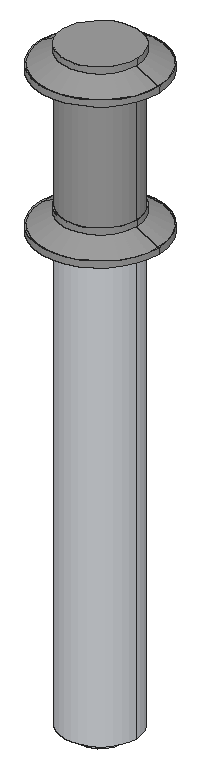
Revit family
Parameters (values of type "FF Roof Cowl")
  Roof Cowl Height = 290 mm
  Pipe Placement = 1500 mm
  Pipe Length = 1200 mm
  Assembly Code = ""
Reference planes
  plane 1 "Center (Front/Back)": y = 0
  plane 2: z = 0
  plane 3 "Center (Left/Right)": x = 0
  plane 4: x = -62.5
  plane 5: x = 62.5
  plane 6: z = 2700
  plane 7: z = 1500
  plane 8: z = 2990
  plane 9: z = 1935
  plane 10: z = 1920
Forms (mm)
  Extrusion 1, solid, material "Default"
    sketch origin (0, 0, 0) x (1, 0, 0) y (0, 1, 0)
      loop
        circle (0, 0) r 62.5
      loop
        circle (0, 0) r 57.5
    from 2700 to 2990
  Extrusion 2, solid, material "Default"
    sketch origin (0, 0, 0) x (1, 0, 0) y (0, 1, 0)
      loop
        circle (0, 0) r 62.5
      loop
        circle (0, 0) r 64.5
    from 2730 to 2740
  Revolve 3, solid, material "Default"
    sketch origin (0, 0, 0) x (1, 0, 0) y (0, 0, 1)
      loop
        line (-62.416, 2700) -> (-62.416, 2730) -> (-100.5, 2710) -> (-102.5, 2710) -> (-102.5, 2700) -> (-62.416, 2700)
      axis (0, 2700) -> (0, 2730)
    angle from 0 to 360
  Extrusion 4, solid, material "Default"
    sketch origin (0, 0, 0) x (1, 0, 0) y (0, 1, 0)
      loop
        circle (0, 0) r 64.5
    from 2979.838 to 2990
  Revolve 5, solid, material "Default"
    sketch origin (0, 0, 249.838) x (1, 0, 0) y (0, 0, 1)
      loop
        line (-62.416, 2700) -> (-62.416, 2730) -> (-100.5, 2710) -> (-102.5, 2710) -> (-102.5, 2700) -> (-62.416, 2700)
      axis (0, 2700) -> (0, 2730)
    angle from 0 to 360
  Extrusion 6, void
    sketch origin (0, 0, 0) x (1, 0, 0) y (0, 1, 0)
      loop
        arc (-62.222, 7.558) -> (-62.406, 4.8) -> (-62.467, 2.036) r 62.48
        line (-62.467, 2.036) -> (-57.464, 2.036)
        arc (-57.464, 2.036) -> (-57.409, 4.538) -> (-57.246, 7.036) r 57.483
        line (-57.246, 7.036) -> (-62.222, 7.558)
      loop
        arc (-3.009, 57.421) -> (0, 57.5) -> (3.009, 57.421) r 57.5
        line (3.009, 57.421) -> (3.271, 62.414)
        arc (3.271, 62.414) -> (0, 62.5) -> (-3.271, 62.414) r 62.5
        line (-3.271, 62.414) -> (-3.009, 57.421)
      loop
        line (-11.955, 56.243) -> (-12.994, 61.134)
        arc (-12.994, 61.134) -> (-16.702, 60.227) -> (-20.348, 59.095) r 62.5
        line (-20.348, 59.095) -> (-18.72, 54.367)
        arc (-18.72, 54.367) -> (-15.366, 55.409) -> (-11.955, 56.243) r 57.5
      loop
        line (-26.995, 50.769) -> (-29.342, 55.184)
        arc (-29.342, 55.184) -> (-32.656, 53.29) -> (-35.849, 51.197) r 62.5
        line (-35.849, 51.197) -> (-32.981, 47.101)
        arc (-32.981, 47.101) -> (-30.044, 49.027) -> (-26.995, 50.769) r 57.5
      loop
        line (-38.475, 42.731) -> (-41.821, 46.447)
        arc (-41.821, 46.447) -> (-44.194, 44.194) -> (-46.447, 41.821) r 62.5
        line (-46.447, 41.821) -> (-42.731, 38.475)
        arc (-42.731, 38.475) -> (-40.659, 40.659) -> (-38.475, 42.731) r 57.5
      loop
        arc (-55.541, 14.882) -> (-54.686, 17.768) -> (-53.681, 20.606) r 57.5
        line (-53.681, 20.606) -> (-58.349, 22.398)
        arc (-58.349, 22.398) -> (-59.441, 19.314) -> (-60.37, 16.176) r 62.5
        line (-60.37, 16.176) -> (-55.541, 14.882)
      loop
        arc (-49.796, 28.75) -> (-48.224, 31.317) -> (-46.518, 33.798) r 57.5
        line (-46.518, 33.798) -> (-50.564, 36.737)
        arc (-50.564, 36.737) -> (-52.417, 34.04) -> (-54.127, 31.25) r 62.5
        line (-54.127, 31.25) -> (-49.796, 28.75)
      loop
        line (-62.222, -7.558) -> (-57.246, -7.036)
        arc (-57.246, -7.036) -> (-57.409, -4.538) -> (-57.464, -2.036) r 57.483
        line (-57.464, -2.036) -> (-62.467, -2.036)
        arc (-62.467, -2.036) -> (-62.406, -4.8) -> (-62.222, -7.558) r 62.48
      loop
        line (-3.009, -57.421) -> (-3.271, -62.414)
        arc (-3.271, -62.414) -> (0, -62.5) -> (3.271, -62.414) r 62.5
        line (3.271, -62.414) -> (3.009, -57.421)
        arc (3.009, -57.421) -> (0, -57.5) -> (-3.009, -57.421) r 57.5
      loop
        arc (-11.955, -56.243) -> (-15.366, -55.409) -> (-18.72, -54.367) r 57.5
        line (-18.72, -54.367) -> (-20.348, -59.095)
        arc (-20.348, -59.095) -> (-16.702, -60.227) -> (-12.994, -61.134) r 62.5
        line (-12.994, -61.134) -> (-11.955, -56.243)
      loop
        arc (-26.995, -50.769) -> (-30.044, -49.027) -> (-32.981, -47.101) r 57.5
        line (-32.981, -47.101) -> (-35.849, -51.197)
        arc (-35.849, -51.197) -> (-32.656, -53.29) -> (-29.342, -55.184) r 62.5
        line (-29.342, -55.184) -> (-26.995, -50.769)
      loop
        arc (-38.475, -42.731) -> (-40.659, -40.659) -> (-42.731, -38.475) r 57.5
        line (-42.731, -38.475) -> (-46.447, -41.821)
        arc (-46.447, -41.821) -> (-44.194, -44.194) -> (-41.821, -46.447) r 62.5
        line (-41.821, -46.447) -> (-38.475, -42.731)
      loop
        line (-55.541, -14.882) -> (-60.37, -16.176)
        arc (-60.37, -16.176) -> (-59.441, -19.314) -> (-58.349, -22.398) r 62.5
        line (-58.349, -22.398) -> (-53.681, -20.606)
        arc (-53.681, -20.606) -> (-54.686, -17.768) -> (-55.541, -14.882) r 57.5
      loop
        line (-49.796, -28.75) -> (-54.127, -31.25)
        arc (-54.127, -31.25) -> (-52.417, -34.04) -> (-50.564, -36.737) r 62.5
        line (-50.564, -36.737) -> (-46.518, -33.798)
        arc (-46.518, -33.798) -> (-48.224, -31.317) -> (-49.796, -28.75) r 57.5
      loop
        line (62.222, 7.558) -> (57.246, 7.036)
        arc (57.246, 7.036) -> (57.409, 4.538) -> (57.464, 2.036) r 57.483
        line (57.464, 2.036) -> (62.467, 2.036)
        arc (62.467, 2.036) -> (62.406, 4.8) -> (62.222, 7.558) r 62.48
      loop
        arc (11.955, 56.243) -> (15.366, 55.409) -> (18.72, 54.367) r 57.5
        line (18.72, 54.367) -> (20.348, 59.095)
        arc (20.348, 59.095) -> (16.702, 60.227) -> (12.994, 61.134) r 62.5
        line (12.994, 61.134) -> (11.955, 56.243)
      loop
        arc (26.995, 50.769) -> (30.044, 49.027) -> (32.981, 47.101) r 57.5
        line (32.981, 47.101) -> (35.849, 51.197)
        arc (35.849, 51.197) -> (32.656, 53.29) -> (29.342, 55.184) r 62.5
        line (29.342, 55.184) -> (26.995, 50.769)
      loop
        arc (38.475, 42.731) -> (40.659, 40.659) -> (42.731, 38.475) r 57.5
        line (42.731, 38.475) -> (46.447, 41.821)
        arc (46.447, 41.821) -> (44.194, 44.194) -> (41.821, 46.447) r 62.5
        line (41.821, 46.447) -> (38.475, 42.731)
      loop
        line (55.541, 14.882) -> (60.37, 16.176)
        arc (60.37, 16.176) -> (59.441, 19.314) -> (58.349, 22.398) r 62.5
        line (58.349, 22.398) -> (53.681, 20.606)
        arc (53.681, 20.606) -> (54.686, 17.768) -> (55.541, 14.882) r 57.5
      loop
        line (49.796, 28.75) -> (54.127, 31.25)
        arc (54.127, 31.25) -> (52.417, 34.04) -> (50.564, 36.737) r 62.5
        line (50.564, 36.737) -> (46.518, 33.798)
        arc (46.518, 33.798) -> (48.224, 31.317) -> (49.796, 28.75) r 57.5
      loop
        arc (62.222, -7.558) -> (62.406, -4.8) -> (62.467, -2.036) r 62.48
        line (62.467, -2.036) -> (57.464, -2.036)
        arc (57.464, -2.036) -> (57.409, -4.538) -> (57.246, -7.036) r 57.483
        line (57.246, -7.036) -> (62.222, -7.558)
      loop
        line (11.955, -56.243) -> (12.994, -61.134)
        arc (12.994, -61.134) -> (16.702, -60.227) -> (20.348, -59.095) r 62.5
        line (20.348, -59.095) -> (18.72, -54.367)
        arc (18.72, -54.367) -> (15.366, -55.409) -> (11.955, -56.243) r 57.5
      loop
        line (26.995, -50.769) -> (29.342, -55.184)
        arc (29.342, -55.184) -> (32.656, -53.29) -> (35.849, -51.197) r 62.5
        line (35.849, -51.197) -> (32.981, -47.101)
        arc (32.981, -47.101) -> (30.044, -49.027) -> (26.995, -50.769) r 57.5
      loop
        line (38.475, -42.731) -> (41.821, -46.447)
        arc (41.821, -46.447) -> (44.194, -44.194) -> (46.447, -41.821) r 62.5
        line (46.447, -41.821) -> (42.731, -38.475)
        arc (42.731, -38.475) -> (40.659, -40.659) -> (38.475, -42.731) r 57.5
      loop
        arc (55.541, -14.882) -> (54.686, -17.768) -> (53.681, -20.606) r 57.5
        line (53.681, -20.606) -> (58.349, -22.398)
        arc (58.349, -22.398) -> (59.441, -19.314) -> (60.37, -16.176) r 62.5
        line (60.37, -16.176) -> (55.541, -14.882)
      loop
        arc (49.796, -28.75) -> (48.224, -31.317) -> (46.518, -33.798) r 57.5
        line (46.518, -33.798) -> (50.564, -36.737)
        arc (50.564, -36.737) -> (52.417, -34.04) -> (54.127, -31.25) r 62.5
        line (54.127, -31.25) -> (49.796, -28.75)
    from 2928.087 to 2972.294
  Extrusion 7, solid
    sketch origin (0, 0, 0) x (1, 0, 0) y (0, 1, 0)
      loop
        circle (0, 0) r 62.5
    from 1935 to 2700
  Extrusion 8, solid
    sketch origin (0, 0, 0) x (1, 0, 0) y (0, 1, 0)
      loop
        circle (0, 0) r 40
    from 1920 to 1935
  Revolve 9, solid
    sketch origin (322.114, 0, 3002.662) x (-1, 0, 0) y (0, 0, -1)
      loop
        line (322.114, 30.162) -> (384.158, 30.162) -> (322.114, 72.844) -> (322.114, 30.162)
      axis (322.114, 72.844) -> (322.114, 30.162)
    angle from 0 to 360
Cuts and joins
  Extrusion 6 cuts Extrusion 1
  joined: Extrusion 1, Extrusion 4
Dimensions and locks
  "Pipe Length": plane 6 to plane 7
  "Pipe Placement": plane 7 to level
  "Roof Cowl Height": plane 8 to plane 6
  aligned and locked: plane 8 to Extrusion 1
Automatic sketch dimensions
  Extrusion 1 sketch curve to Extrusion 1 sketch curve = 0 mm  (x12)
  Extrusion 1 sketch curve to plane 1 "Center (Front/Back)" = 0 mm
  Extrusion 1 sketch curve to plane 4 = 0 mm
  Extrusion 1 sketch curve to plane 3 "Center (Left/Right)" = 0 mm
  Extrusion 1 sketch curve to Extrusion 1 sketch curve = 5 mm
  Extrusion 2 sketch curve to Extrusion 2 sketch curve = 0 mm  (x12)
  Extrusion 2 sketch curve to plane 1 "Center (Front/Back)" = 0 mm
  Extrusion 2 sketch curve to plane 4 = 0 mm
  Extrusion 2 sketch curve to plane 3 "Center (Left/Right)" = 0 mm
  Extrusion 2 sketch curve to plane 4 = 2 mm
  Revolve 3 sketch curve to plane 6 = 0 mm  (x2)
  Revolve 3 sketch curve to plane 3 "Center (Left/Right)" = 0 mm
  plane 4 to Revolve 3 sketch curve = 0.084 mm
  plane 6 to Revolve 3 sketch curve = 10 mm
  Revolve 3 sketch curve to plane 4 = 38 mm
  Revolve 3 sketch curve to Revolve 3 sketch curve = 2 mm
  Revolve 3 sketch curve to Revolve 3 sketch curve = 30 mm
  Revolve 3 sketch curve to Revolve 3 sketch curve = 36.567 mm
  Extrusion 4 sketch curve to Extrusion 4 sketch curve = 0 mm  (x2)
  Extrusion 4 sketch curve to plane 1 "Center (Front/Back)" = 0 mm
  Extrusion 4 sketch curve to plane 3 "Center (Left/Right)" = 0 mm
  Extrusion 4 sketch curve to plane 4 = 2 mm
  Revolve 5 sketch curve to plane 3 "Center (Left/Right)" = 0 mm
  plane 4 to Revolve 5 sketch curve = 0.084 mm
  Revolve 5 sketch curve to plane 4 = 38 mm
  Revolve 5 sketch curve to Revolve 5 sketch curve = 2 mm
  Revolve 5 sketch curve to plane 8 = 40.162 mm  (x2)
  Revolve 5 sketch curve to Revolve 5 sketch curve = 10 mm
  Revolve 5 sketch curve to plane 8 = 10.162 mm
  Revolve 5 sketch curve to plane 8 = 3.596 mm
  Extrusion 6 sketch curve to Extrusion 6 sketch curve = 0 mm  (x1894)
  Extrusion 6 sketch curve to plane 1 "Center (Front/Back)" = 0 mm
  Extrusion 6 sketch curve to plane 3 "Center (Left/Right)" = 0 mm
  Extrusion 6 sketch curve to plane 3 "Center (Left/Right)" = 0.013 mm  (x2)
  Extrusion 6 sketch curve to Extrusion 6 sketch curve = 0.006 mm  (x4)
  Extrusion 6 sketch curve to plane 3 "Center (Left/Right)" = 3.009 mm  (x2)
  Extrusion 6 sketch curve to plane 3 "Center (Left/Right)" = 3.271 mm  (x2)
  Extrusion 6 sketch curve to Extrusion 6 sketch curve = 8.946 mm  (x4)
  Extrusion 6 sketch curve to Extrusion 6 sketch curve = 1.04 mm  (x4)
  Extrusion 6 sketch curve to Extrusion 6 sketch curve = 6.765 mm  (x4)
  Extrusion 6 sketch curve to Extrusion 6 sketch curve = 1.628 mm  (x4)
  Extrusion 6 sketch curve to Extrusion 6 sketch curve = 8.274 mm  (x4)
  Extrusion 6 sketch curve to Extrusion 6 sketch curve = 2.347 mm  (x4)
  Extrusion 6 sketch curve to Extrusion 6 sketch curve = 5.986 mm  (x4)
  Extrusion 6 sketch curve to Extrusion 6 sketch curve = 2.868 mm  (x4)
  Extrusion 6 sketch curve to Extrusion 6 sketch curve = 5.494 mm  (x4)
  Extrusion 6 sketch curve to Extrusion 6 sketch curve = 3.346 mm  (x8)
  Extrusion 6 sketch curve to Extrusion 6 sketch curve = 4.256 mm  (x4)
  Extrusion 6 sketch curve to Extrusion 6 sketch curve = 3.716 mm  (x4)
  Extrusion 6 sketch curve to Extrusion 6 sketch curve = 3.788 mm  (x4)
  Extrusion 6 sketch curve to Extrusion 6 sketch curve = 3.278 mm  (x4)
  Extrusion 6 sketch curve to Extrusion 6 sketch curve = 4.045 mm  (x4)
  plane 4 to Extrusion 6 sketch curve = 8.819 mm  (x2)
  Extrusion 6 sketch curve to Extrusion 6 sketch curve = 4.33 mm  (x4)
  Extrusion 6 sketch curve to Extrusion 6 sketch curve = 1.86 mm  (x4)
  plane 4 to Extrusion 6 sketch curve = 5.254 mm  (x2)
  Extrusion 6 sketch curve to plane 1 "Center (Front/Back)" = 2.036 mm  (x2)
  Extrusion 6 sketch curve to Extrusion 6 sketch curve = 0.218 mm  (x2)
  plane 1 "Center (Front/Back)" to Extrusion 6 sketch curve = 2.036 mm  (x2)
  plane 4 to Extrusion 6 sketch curve = 4.151 mm  (x2)
  plane 4 to Extrusion 6 sketch curve = 2.13 mm  (x2)
  plane 4 to Extrusion 6 sketch curve = 0.278 mm  (x2)
  plane 4 to Extrusion 6 sketch curve = 0.033 mm  (x2)
  plane 3 "Center (Left/Right)" to Extrusion 6 sketch curve = 0.013 mm  (x2)
  plane 3 "Center (Left/Right)" to Extrusion 6 sketch curve = 3.009 mm  (x2)
  plane 3 "Center (Left/Right)" to Extrusion 6 sketch curve = 3.271 mm  (x2)
  Extrusion 6 sketch curve to plane 5 = 8.819 mm  (x2)
  Extrusion 6 sketch curve to plane 5 = 5.254 mm  (x2)
  Extrusion 6 sketch curve to plane 5 = 4.151 mm  (x2)
  Extrusion 6 sketch curve to plane 5 = 2.13 mm  (x2)
  Extrusion 6 sketch curve to plane 5 = 0.278 mm  (x2)
  Extrusion 6 sketch curve to plane 5 = 0.033 mm  (x2)
  Extrusion 6 sketch curve to Extrusion 6 sketch curve = 7.847 mm  (x4)
  Extrusion 6 sketch curve to Extrusion 6 sketch curve = 1.294 mm  (x4)
  Extrusion 6 sketch curve to Extrusion 6 sketch curve = 8.144 mm  (x4)
  Extrusion 6 sketch curve to Extrusion 6 sketch curve = 2.5 mm  (x4)
  Extrusion 6 sketch curve to Extrusion 6 sketch curve = 4.677 mm  (x4)
  Extrusion 6 sketch curve to Extrusion 6 sketch curve = 4.37 mm  (x4)
  Extrusion 6 sketch curve to Extrusion 6 sketch curve = 4.096 mm  (x4)
  Extrusion 6 sketch curve to Extrusion 6 sketch curve = 3.598 mm  (x4)
  Extrusion 6 sketch curve to Extrusion 6 sketch curve = 1.178 mm  (x2)
  Extrusion 6 sketch curve to Extrusion 6 sketch curve = 4.728 mm  (x4)
  Extrusion 6 sketch curve to Extrusion 6 sketch curve = 4.993 mm  (x2)
  Extrusion 7 sketch curve to plane 1 "Center (Front/Back)" = 0 mm
  Extrusion 7 sketch curve to plane 3 "Center (Left/Right)" = 0 mm
  Extrusion 8 sketch curve to plane 1 "Center (Front/Back)" = 0 mm
  Extrusion 8 sketch curve to plane 3 "Center (Left/Right)" = 0 mm
  Revolve 9 sketch curve to Revolve 9 sketch curve = 0 mm  (x3)
  Revolve 9 sketch curve to Revolve 9 sketch curve = 62.044 mm
  Revolve 9 sketch curve to plane 3 "Center (Left/Right)" = 0 mm
  Revolve 9 sketch curve to plane 8 = 17.5 mm
  Revolve 9 sketch curve to Revolve 9 sketch curve = 42.681 mm
  radius of Extrusion 7 sketch curve = 62.5 mm
  radius of Extrusion 8 sketch curve = 40 mm
